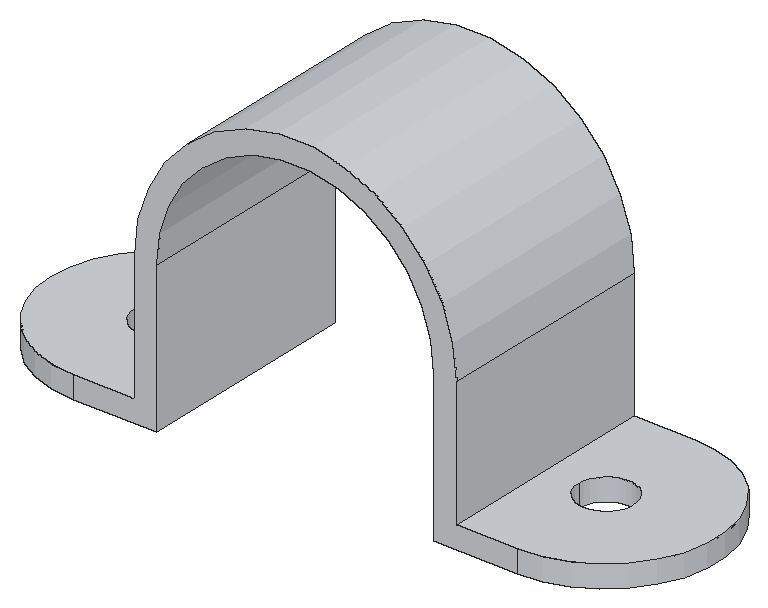
Revit family "PPS25B", category Generic Models, Revit 2017
Family settings
  Can host rebar = No
  Round Connector Dimension = Use Diameter
  Part Type = Normal
  Work Plane-Based = Yes
  Always vertical = No
  Cut with Voids When Loaded = No
  Shared = No
  Room Calculation Point = No
Parameters (values of type "NBS Standard Parameters")
  Weight = "0.0074Kg"
  WarrantyStartDate [instance] = "1900-12-31T23:59:59"
  WarrantyGuarantorParts = "n/a"
  WarrantyGuarantorLabor = "n/a"
  WarrantyDurationUnit = "1 year"
  WarrantyDurationParts = "n/a"
  WarrantyDurationLabor = "n/a"
  WarrantyDescription = "n/a"
  Version = "1"
  Uniclass2 = "Pr_65_70_11_20"
  TagNumber [instance] = "n/a"
  SustainabilityPerformance = "n/a"
  Size = "25mm"
  Shape = "n/a"
  SerialNumber [instance] = "n/a"
  Revision = "n/a"
  ReplacementCost = "n/a"
  ProductInformation = "www.metpro.co.uk/pdf/pps25w.pdf"
  NominalWidth = 20 mm
  NominalLength = 55 mm
  NominalHeight = 26 mm
  Name = ""
  NBSTypeID = ""
  NBSReference = "90-55-10/460"
  NBSOfficeMasterTag = ""
  NBSNote = ""
  NBSDescription = "Conduit Fittings"
  NBSCertification = ""
  ModelReference = "PPS25B"
  ModelNumber = "n/a"
  Material = "PVC"
  ManufacturerURL = "www.metpro.co.uk"
  ManufacturerName = "Metpro Ltd"
  Keynote = "Manufactured to BS4607 Part 1"
  InstallationDate [instance] = "1900-12-31T23:59:59"
  IfcExportType = ""
  IfcExportAs = ""
  Grade = "n/a"
  Finish = "Black"
  Features = "n/a"
  ExpectedLife = "n/a"
  DurationUnit = "year"
  Description = "PPS25B - 25mm PVC Plain Saddle"
  Default Elevation = 1219.2 mm
  Constituents = "n/a"
  Color = "n/a"
  CodePerformance = "n/a"
  Category = "n/a"
  BarCode [instance] = "n/a"
  BIMObjectName = "metpro_metprolibrary_conduitfittings_PVC component_accessory"
  Author = "Metpro Ltd"
  AssetType = ""
  AssetIdentifier [instance] = "n/a"
  AccessibilityPerformance = "n/a"
Reference planes
  plane 1 "Center (Front/Back)": y = 0
  plane 2: z = 0
  plane 3 "Center (Left/Right)": x = 0
Forms (mm)
  Extrusion 1, solid
    sketch origin (-257.462, -111.627, -2.858) x (0, 0, -1) y (-1, 0, 0)
      loop
        line (-14.358, 12.5) -> (-0.858, 12.5) -> (-0.858, 30) -> (-2.858, 30) -> (-2.858, 14.5) -> (-14.358, 14.5)
        arc (-14.358, 14.5) -> (-28.858, 0) -> (-14.358, -14.5) r 14.5
        line (-14.358, -14.5) -> (-2.858, -14.5) -> (-2.858, -30) -> (-0.858, -30) -> (-0.858, -12.5) -> (-14.358, -12.5)
        arc (-14.358, -12.5) -> (-26.858, 0) -> (-14.358, 12.5) r 12.5
    from 0 to 20
  Extrusion 2, void
    sketch origin (-267.462, -111.627, 0) x (0, -1, 0) y (-1, 0, 0)
      loop
        line (0, 10) -> (5.77, 10) -> (5.77, 22.94) -> (-23.161, 22.94) -> (-23.161, 10) -> (-20, 10)
        arc (-20, 10) -> (-10, 20) -> (0, 10) r 10
      loop
        arc (0, -30) -> (-10, -40) -> (-20, -30) r 10
        line (-20, -30) -> (-23.161, -30) -> (-23.161, -42.94) -> (5.77, -42.94) -> (5.77, -30) -> (0, -30)
      loop
        circle (-10, 10) r 2.504
      loop
        circle (-10, -30) r 2.507
    from 0 to 2.493
Cuts and joins
  Extrusion 2 cuts Extrusion 1
Dimensions and locks
  aligned and locked: level to plane 2
